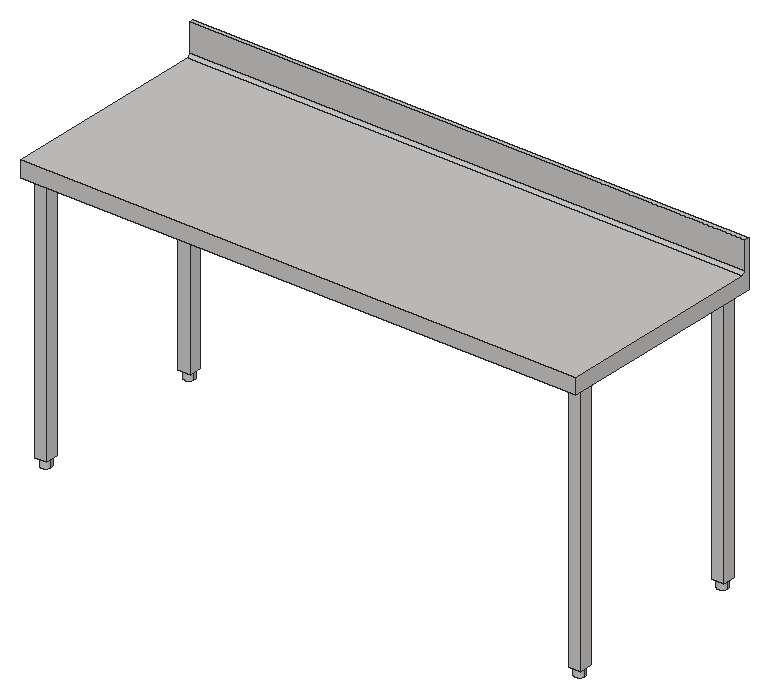
Revit family "QF_ZANUSSI_132750_TG1810PN", category Attrezzature speciali, Revit 2020
Family settings
  Quota connettore circolare = Usa diametro
  Tipo di parte = Normale
  Basato su piano di lavoro = No
  Sempre verticale = Sì
  Taglio con vuoti quando caricato = No
  Condiviso = No
  Punto di calcolo locali = No
Parameters (values of type "Standard")
  Weight = 54.00 kg
  Watts = 0 W
  Volts = 0 V
  URL Manufacturer = "http://www.zanussiprofessional.com"
  URL = "http://www.zanussiprofessional.com"
  Steam Supply Size = 0 mm
  Steam Supply Minimum Pressure = 0.0 Pa
  Steam Supply Maximum Pressure = 0.0 Pa
  Steam Consumption per Hour = 0
  Refrigeration Suction Line Size = 0.0 mm
  Refrigeration Liquid Line Size = 0.0 mm
  Refrigerant Compressor Remote = yes
  Prospetto di default = 0.0 mm
  Produttore = "Zanussi"
  Phase = 0
  Modello = "TG1810PN"
  Length Actual = 1800.0 mm  # constant formula
  Item Number = "132750"
  Hot Water Size = 0 mm
  Height Actual = 1000.0 mm  # constant formula
  HP = "0 HP"
  Gas Size = 0 mm
  Gas KW = 0
  Gas Input Pressure = 0 W
  Direct Waste Size = 0 mm
  Descrizione = "WORK TABLE WITH UPSTAND 1800 MM"
  Depth Actual = 700.0 mm  # constant formula
  Cycle = 0 Hz
  Condensate Return Size = 0 mm
  Compressed Air Volume = 0.0 L/s
  Compressed Air Size = 0 mm
  Compressed Air Pressure = 0.0 Pa
  Cold Water Size = 0 mm
  Accessory = yes
Reference planes
  plane 1 "Center (Front/Back)": y = 0
  plane 2: z = 0
  plane 3 "Center (Left/Right)": x = -400
  plane 4 "LEFT": x = -1300
  plane 5 "RIGHT": x = 500
  plane 6 "BACK": y = 350
  plane 7 "FRONT": y = -350
  plane 8 "Base": z = 850
  plane 9 "TOP": z = 900
  plane 10: x = -1264.5
  plane 11: x = 464.5
  plane 12: y = 290
  plane 13: y = -290
Forms (mm)
  Extrusion 1, solid, material "QF_Finishes_Stainless Steel"
    sketch origin (-400, 0, 0) x (0, 1, 0) y (0, 0, 1)
      loop
        line (-350, 850) -> (350, 850) -> (350, 1000) -> (337, 1000) -> (337, 910)
        arc (337, 910) -> (334.071, 902.929) -> (327, 900) r 10
        line (327, 900) -> (-350, 900) -> (-350, 850)
    from 900 to -900
Lines and regions (mm)
  symbolic lines
    curve 1: line (500, 350, 900) -> (-1300, 350, 900)
    curve 2: line (-1300, 350, 900) -> (-1300, -350, 900)
    curve 3: line (-1300, -350, 900) -> (500, -350, 900)
    curve 4: line (500, -350, 900) -> (500, 350, 900)
    curve 5: line (500, 337, 900) -> (-1300, 337, 900)
Dimensions and locks
  plane 4 "LEFT" to plane 5 "RIGHT" = 1800.0 mm
  equal spacing: plane 4 "LEFT", plane 3 "Center (Left/Right)", plane 5 "RIGHT"
  locked: plane 8 "Base" to level at 850
  plane 4 "LEFT" to plane 10 = 35.5 mm
  plane 11 to plane 5 "RIGHT" = 35.5 mm
  plane 10 to plane 11 = 1729.0 mm
  locked: Extrusion 1 to level at 1000
  plane 9 "TOP" to level = 900.0 mm
  plane 6 "BACK" to plane 12 = 60.0 mm
  plane 13 to plane 7 "FRONT" = 60.0 mm
  plane 6 "BACK" to plane 7 "FRONT" = 700.0 mm
  plane 12 to plane 13 = 580.0 mm
  equal spacing: plane 6 "BACK", plane 1 "Center (Front/Back)", plane 7 "FRONT"
  aligned and locked: level to plane 2
  aligned and locked: plane 10 to nested 1
  aligned and locked: nested 1 to plane 13
  aligned and locked: plane 11 to nested 2
  aligned and locked: nested 2 to plane 13
  aligned and locked: plane 11 to nested 4
  aligned and locked: nested 4 to plane 12
  aligned and locked: plane 10 to nested 3
  aligned and locked: nested 3 to plane 12
  aligned and locked: Extrusion 1 to plane 4 "LEFT"
  aligned and locked: plane 5 "RIGHT" to Extrusion 1
  aligned and locked: curve 2 to plane 4 "LEFT"
Automatic sketch dimensions
  Extrusion 1 sketch curve to plane 7 "FRONT" = 0.0 mm
  Extrusion 1 sketch curve to plane 9 "TOP" = 0.0 mm
  Extrusion 1 sketch curve to plane 6 "BACK" = 0.0 mm
  Extrusion 1 sketch curve to plane 8 "Base" = 0.0 mm
  plane 9 "TOP" to Extrusion 1 sketch curve = 10.0 mm
  Extrusion 1 sketch curve to plane 6 "BACK" = 13.0 mm
  Extrusion 1 sketch curve to Extrusion 1 sketch curve = 90.0 mm
  curve 3 to plane 7 "FRONT" = 0.0 mm
  curve 5 to plane 5 "RIGHT" = 0.0 mm
  curve 4 to plane 6 "BACK" = 0.0 mm
  curve 5 to plane 6 "BACK" = 13.0 mm
Nested families
  nested 1: "FEET_40x40" at (-1264.5, -290, 0), type "FEET_40x40"
  nested 2: "FEET_40x40" at (464.5, -290, 0), type "FEET_40x40"
  nested 3: "FEET_40x40" at (-1264.5, 290, 0), type "FEET_40x40"
  nested 4: "FEET_40x40" at (464.5, 290, 0), type "FEET_40x40"
Definition of nested family "FEET_40x40"
  Parameters
    Default Elevation = 0.0 mm
    FEET = 850.0 mm
  Reference planes
    plane 1 "Center (Front/Back)": y = 0
    plane 2: z = 0
    plane 3 "Center (Left/Right)": x = 0
    plane 4: z = 850
  Forms (mm)
    Extrusion 1, solid
      sketch origin (0, 0, 0) x (1, 0, 0) y (0, 1, 0)
        loop
          line (-20, -20) -> (20, -20) -> (20, 20) -> (-20, 20) -> (-20, -20)
      from 25 to 845
    Extrusion 2, solid
      sketch origin (0, 0, 0) x (1, 0, 0) y (0, 1, 0)
        loop
          circle (0, 0) r 16
      from 0 to 25
    Extrusion 3, solid
      sketch origin (0, 0, 0) x (1, 0, 0) y (0, 1, 0)
        loop
          line (30, 30) -> (-30, 30) -> (-30, -30) -> (30, -30) -> (30, 30)
      from 845 to 850
  Lines and regions (mm)
    symbolic lines
      curve 1: line (0, -1.503, 0) -> (0, 1.508, 0)
      curve 2: line (1.561, 0, 0) -> (-1.439, 0, 0)
  Dimensions and locks
    "FEET": plane 4 to plane 2
    aligned and locked: level to plane 2
  Automatic sketch dimensions
    Extrusion 1 sketch curve to plane 3 "Center (Left/Right)" = 20.0 mm
    plane 3 "Center (Left/Right)" to Extrusion 1 sketch curve = 20.0 mm
    plane 1 "Center (Front/Back)" to Extrusion 1 sketch curve = 20.0 mm
    Extrusion 1 sketch curve to plane 1 "Center (Front/Back)" = 20.0 mm
    plane 1 "Center (Front/Back)" to Extrusion 2 sketch curve = 0.0 mm
    Extrusion 2 sketch curve to plane 3 "Center (Left/Right)" = 0.0 mm
    plane 3 "Center (Left/Right)" to Extrusion 3 sketch curve = 30.0 mm
    Extrusion 3 sketch curve to plane 1 "Center (Front/Back)" = 30.0 mm
    Extrusion 3 sketch curve to plane 3 "Center (Left/Right)" = 30.0 mm
    plane 1 "Center (Front/Back)" to Extrusion 3 sketch curve = 30.0 mm
    plane 1 "Center (Front/Back)" to curve 2 = 0.0 mm
    curve 1 to plane 3 "Center (Left/Right)" = 0.0 mm
    curve 2 to plane 3 "Center (Left/Right)" = 1.439 mm
    plane 3 "Center (Left/Right)" to curve 2 = 1.561 mm
    plane 1 "Center (Front/Back)" to curve 1 = 1.503 mm
    curve 1 to plane 1 "Center (Front/Back)" = 1.508 mm
    radius of Extrusion 2 sketch curve = 16.0 mm
